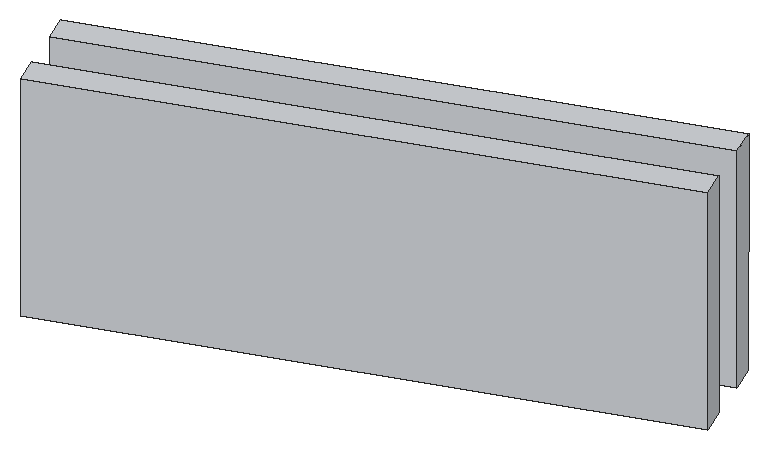
Revit family "PLN - madre", category Generic Models, Revit 2019
Family settings
  Can host rebar = No
  Round Connector Dimension = Use Diameter
  Part Type = Normal
  Work Plane-Based = No
  Always vertical = Yes
  Cut with Voids When Loaded = No
  Shared = No
  Room Calculation Point = No
Parameters
  lenght = 500 mm
  c_angle [instance] = 20.00°
Reference planes
  plane 1 "Center (Front/Back)": y = 0
  plane 2: z = 0
  plane 3 "Center (Left/Right)": x = 0
Lines and regions (mm)
  reference lines
    curve 1: line (0, 0, 0) -> (3007.016, 1094.464, 0)
Dimensions and locks
  "c_angle": angle plane 1 "Center (Front/Back)" to curve 1
  aligned and locked: level to plane 2
  aligned and locked: curve 1 to nested 1
Automatic sketch dimensions
  plane 1 "Center (Front/Back)" to curve 1 = 0 mm
  curve 1 to plane 3 "Center (Left/Right)" = 0 mm
Nested families
  nested 1: "PLN - figlio" at (0, 0, 0) x (0.9397, 0.342, 0) z (0, 0, 1), type "PLN - figlio"
    with built-in parameter 1001306 1.3123 (stored number, unit not read)
Definition of nested family "PLN - figlio"
  Parameters (values of type "PLN - figlio")
    spessore_barre = 10 mm
    materials = none
    distanzza_neto = 15 mm
    distanza_centro = distanzza_neto + spessore_barre  # 25 mm
    built-in parameter 1001306 [instance] = 1200 mm
  Reference planes
    plane 1 "Center (Front/Back)": y = 0
    plane 2: z = 0
    plane 3 "Left": x = 0
    plane 4 "Right": x = 1200
    plane 5: y = -25
    plane 6: y = 25
  Lines and regions (mm)
    reference lines
      curve 1: line (0, 0, 0) -> (1200, 0, 0)
  Dimensions and locks
    "built-in parameter 1001306": plane 3 "Left" to plane 4 "Right"
    "distanza_centro": plane 1 "Center (Front/Back)" to plane 5
    "distanza_centro": plane 1 "Center (Front/Back)" to plane 6
    aligned and locked: plane 4 "Right" to curve 1
    aligned and locked: plane 1 "Center (Front/Back)" to curve 1
    aligned and locked: plane 3 "Left" to curve 1
    aligned and locked: level to plane 2
    aligned and locked: plane 6 to nested 1
    aligned and locked: nested 2 to plane 5
    aligned and locked: plane 3 "Left" to nested 2
    aligned and locked: plane 3 "Left" to nested 1
    aligned and locked: plane 4 "Right" to nested 1
    aligned and locked: plane 4 "Right" to nested 2
    aligned and locked: nested 2 to plane 2
    aligned and locked: nested 1 to plane 2
  Nested families
    nested 1: "PLN - 2figlio" at (0, 25, 75), type "PLN - 2figlio"
      with built-in parameter 1001306 1200 mm, semiH 75 mm, semiB 10 mm, H 150 mm, B 20 mm
    nested 2: "PLN - 2figlio" at (0, -25, 75), type "PLN - 2figlio"
      with built-in parameter 1001306 1200 mm, semiH 75 mm, semiB 10 mm, H 150 mm, B 20 mm
  Definition of nested family "PLN - 2figlio"
    Parameters (values of type "PLN - 2figlio")
      semiH = 25 mm
      semiB = 5 mm
      material = none
      built-in parameter 1001306 [instance] = 300 mm
      H = 2 * semiH  # 50 mm
      B = 2 * semiB  # 10 mm
    Reference planes
      plane 1 "Center (Front/Back)": y = 0
      plane 2: z = 0
      plane 3 "Left": x = 0
      plane 4 "Right": x = 300
      plane 5: z = 25
      plane 6: y = -5
      plane 7: z = -25
      plane 8: y = 5
    Forms (mm)
      Extrusion 1, solid
        sketch origin (0, 0, 0) x (0, 1, 0) y (0, 0, 1)
          loop
            line (5, 25) -> (-5, 25) -> (-5, -25) -> (5, -25) -> (5, 25)
        from 0 to 300
    Lines and regions (mm)
      reference lines
        curve 1: line (0, 0, 0) -> (300, 0, 0)
    Dimensions and locks
      "built-in parameter 1001306": plane 3 "Left" to plane 4 "Right"
      "semiH": plane 5 to level
      "semiH": level to plane 7
      "semiB": plane 1 "Center (Front/Back)" to plane 6
      "semiB": plane 8 to plane 1 "Center (Front/Back)"
      aligned and locked: plane 4 "Right" to curve 1
      aligned and locked: plane 1 "Center (Front/Back)" to curve 1
      aligned and locked: plane 3 "Left" to curve 1
      aligned and locked: level to plane 2
      aligned and locked: plane 5 to Extrusion 1
      aligned and locked: plane 6 to Extrusion 1
      aligned and locked: Extrusion 1 to plane 7
      aligned and locked: Extrusion 1 to plane 8
      aligned and locked: plane 4 "Right" to Extrusion 1
    Automatic sketch dimensions
      plane 6 to Extrusion 1 sketch curve = 0 mm
      Extrusion 1 sketch curve to plane 8 = 0 mm
      Extrusion 1 sketch curve to plane 7 = 0 mm
      plane 5 to Extrusion 1 sketch curve = 0 mm
